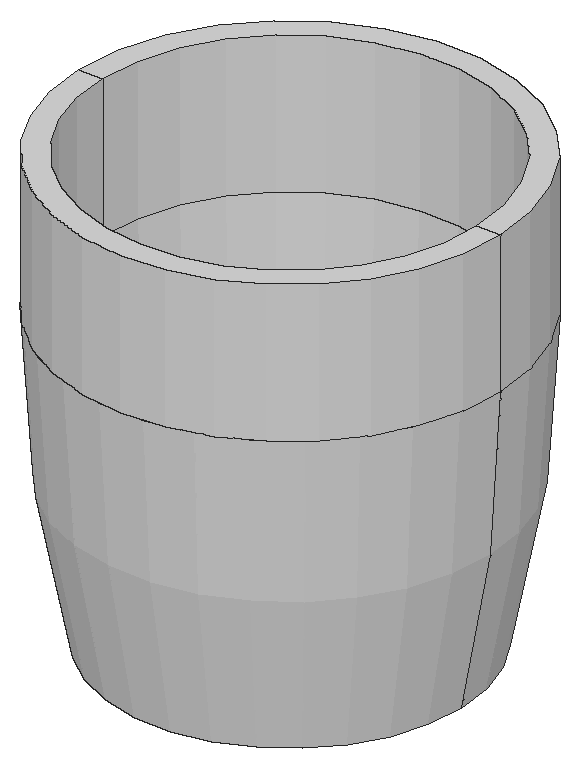
Revit family "tsvetochnitsa_neon", category Антураж, Revit 2017
Family settings
  На основе рабочей плоскости = Нет
  Всегда вертикально = Да
  При загрузке вырезать с полостями = Нет
  Источник визуального образа = Геометрия семейства
  Общий = Нет
  Точка расчета площади = Нет
Parameters (values of type ""Неон" Белый шелк")
  Производитель = "ГК Очаковский комбинат ЖБИ"  # constant formula
  Позиция = ""
  Поверхность = ""
  Площадь [instance] = 1.16 m²
  Описание изделия [instance] = "Цветочница имеет традиционную форму и относительно небольшие размеры. Классическое решение цветочницы позволяет использовать её как для высадки привычных всем однолетних сезонных цветов, так и для обрамления изысканных редких растений."
  Объем бетона = 0.045 m³
  Обозначение = ""
  Наименование = "Цветочница \"Неон\""
  Морозостойкость [instance] = "F150"
  Материал = Очаковский_Белый_Шелк
  Масса [instance] = 112.00 kg
  Класс бетона [instance] = "В30"
  Защитное покрытие [instance] = 0.964
  Диаметр = 540 mm
  Watermarked By = ""
  Высота = 560 mm
  Водонепроницаемость [instance] = "W8"
  URL = "http://file-system.ru/catalog/blagoustroystvo/blagoustroystvo_goroda/vazony_i_tsvetochnitsy/neon_vazon/"
Types (10, lengths in mm): name | Материал | URL
  (no name) | Очаковский_Белый_Шелк | "http://file-system.ru/catalog/blagoustroystvo/blagoustroystvo_goroda/vazony_i_tsvetochnitsy/neon_vazon/"
  "Неон" Белый | Очаковский_Белый | 0
  "Неон" Белый шелк | Очаковский_Белый_Шелк | "http://file-system.ru/catalog/blagoustroystvo/blagoustroystvo_goroda/vazony_i_tsvetochnitsy/neon_vazon/"
  "Неон" Крымский берег | Очаковский_Крымский_берег | 0
  "Неон" Морская соль | Очаковский_Морская_соль | 0
  "Неон" Московский гравий | Очаковский_Московский_гравий | 0
  "Неон" Светло-серый | Очаковский_Светло-серый | 0
  "Неон" Черный шелк | Очаковский_Черный_шелк | 0
  "Неон" Черный глянец | Очаковский_Черный_глянец | 0
  "Неон" Шахматка | Очаковский_Шахматка | 0
Reference planes
  plane 1 "По центру (Вперед/Назад)": y = 0
  plane 2: z = 0
  plane 3 "По центру (Влево/Вправо)": x = 0
  plane 4: z = 560
  plane 5: x = -270
  plane 6: x = 270
  plane 7: y = -270
  plane 8: y = 270
Forms (mm)
  Revolve 1, solid, material "Очаковский_Белый_Шелк" <- "Материал", detail levels medium+fine
    sketch origin (0, 0, 0) x (1, 0, 0) y (0, 0, 1)
      loop
        line (240, 560) -> (240, 380)
        arc (240, 380) -> (228.758, 198.612) -> (195.205, 20) r 1469
        line (195.205, 20) -> (0, 20) -> (0, 0) -> (220, 0)
        arc (220, 0) -> (257.446, 188.362) -> (270, 380) r 1469
        line (270, 380) -> (270, 560) -> (240, 560)
      axis (0, 560) -> (0, 0)
    angle from 0 to 360
Dimensions and locks
  "Высота": plane 4 to plane 2
  equal spacing: plane 8, plane 1 "По центру (Вперед/Назад)", plane 7
  "Диаметр": plane 8 to plane 7
  equal spacing: plane 5, plane 3 "По центру (Влево/Вправо)", plane 6
  "Диаметр": plane 5 to plane 6
  aligned and locked: level to plane 2
  aligned and locked: Revolve 1 sketch curve to plane 3 "По центру (Влево/Вправо)"
  aligned and locked: plane 3 "По центру (Влево/Вправо)" to nested 1
  aligned and locked: plane 1 "По центру (Вперед/Назад)" to nested 1
Automatic sketch dimensions
  Revolve 1 sketch curve to level = 0 mm
  Revolve 1 sketch curve to plane 3 "По центру (Влево/Вправо)" = 0 mm
  Revolve 1 sketch curve to plane 4 = 0 mm
  plane 4 to Revolve 1 sketch curve = 180 mm  (x2)
  Revolve 1 sketch curve to plane 3 "По центру (Влево/Вправо)" = 1199 mm
  Revolve 1 sketch curve to Revolve 1 sketch curve = 30 mm
  level to Revolve 1 sketch curve = 20 mm
  plane 3 "По центру (Влево/Вправо)" to Revolve 1 sketch curve = 195.205 mm
  Revolve 1 sketch curve to Revolve 1 sketch curve = 24.795 mm
  Revolve 1 sketch curve to Revolve 1 sketch curve = 366.045 mm
  Revolve 1 sketch curve to plane 4 = 1663.799 mm
Nested families
  nested 1: "МАФ Круглый низкая дет" at (0, 0, 0), Высота <- "Высота", Диаметр <- "Диаметр", type "МАФ Круглый низкая дет"
    with Диаметр 540 mm, Высота 560 mm
Definition of nested family "МАФ Круглый низкая дет"
  Parameters (values of type "МАФ Круглый низкая дет")
    Диаметр [instance] = 300 mm
    Высота [instance] = 600 mm
    Watermarked By = ""
    Type Comments = "﻿﻿ ​ ​​​​​​   ​ ​   ​       ​ ﻿ ​ ​ ﻿     ﻿     ​   ﻿   ﻿     ﻿   ​       ﻿  ﻿ ﻿   ﻿ ﻿   ﻿        ​    ﻿ ﻿ ﻿         ﻿    ﻿﻿​             ﻿           ﻿         ﻿  ​  ﻿﻿"
    Keynote = "﻿﻿ ​ ​​​​​​   ​ ​   ​       ​ ﻿ ​ ​ ﻿     ﻿     ​   ﻿   ﻿     ﻿   ​       ﻿  ﻿ ﻿   ﻿ ﻿   ﻿        ​    ﻿ ﻿ ﻿         ﻿    ﻿﻿​             ﻿           ﻿         ﻿  ​  ﻿﻿"
    Description = "﻿﻿ ​ ​​​​​​   ​ ​   ​       ​ ﻿ ​ ​ ﻿     ﻿     ​   ﻿   ﻿     ﻿   ​       ﻿  ﻿ ﻿   ﻿ ﻿   ﻿        ​    ﻿ ﻿ ﻿         ﻿    ﻿﻿​             ﻿           ﻿         ﻿  ​  ﻿﻿"
    Assembly Code = "﻿﻿ ​ ​​​​​​   ​ ​   ​       ​ ﻿ ​ ​ ﻿     ﻿     ​   ﻿   ﻿     ﻿   ​       ﻿  ﻿ ﻿   ﻿ ﻿   ﻿        ​    ﻿ ﻿ ﻿         ﻿    ﻿﻿​             ﻿           ﻿         ﻿  ​  ﻿﻿"
  Reference planes
    plane 1 "По центру (Вперед/Назад)": y = 0
    plane 2: z = 0
    plane 3 "По центру (Влево/Вправо)": x = 0
    plane 4: x = -150
    plane 5: x = 150
    plane 6: y = -150
    plane 7: y = 150
    plane 8: z = 600
  Forms (mm)
    Extrusion 1, solid, detail levels coarse
      sketch origin (0, 0, 0) x (1, 0, 0) y (0, 1, 0)
        loop
          line (-150, 150) -> (-150, -150) -> (150, -150) -> (150, 150) -> (-150, 150)
      from 0 to 600
  Dimensions and locks
    equal spacing: plane 6, plane 1 "По центру (Вперед/Назад)", plane 7
    "Диаметр": plane 6 to plane 7
    equal spacing: plane 4, plane 3 "По центру (Влево/Вправо)", plane 5
    "Диаметр": plane 4 to plane 5
    "Высота": plane 8 to level
    aligned and locked: level to plane 2
    aligned and locked: Extrusion 1 sketch curve to plane 5
    aligned and locked: Extrusion 1 sketch curve to plane 7
    aligned and locked: Extrusion 1 sketch curve to plane 6
    aligned and locked: Extrusion 1 sketch curve to plane 4
    aligned and locked: plane 8 to Extrusion 1
  Automatic sketch dimensions
    Extrusion 1 sketch curve to plane 5 = 0 mm
